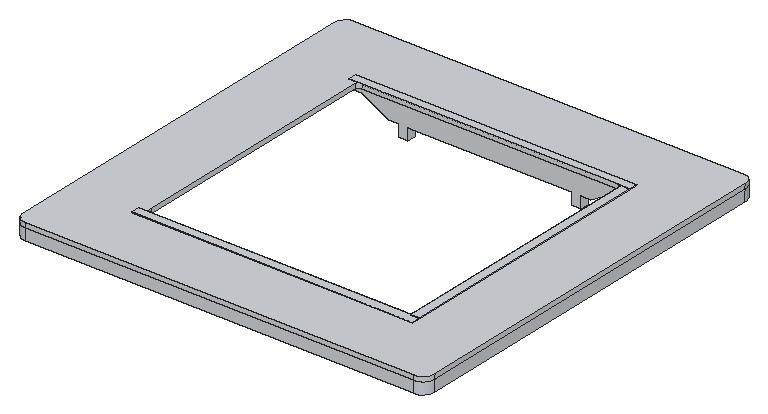
Revit family "Gira_0211225", category Electrical Fixtures, host Face, Revit 2017
Family settings
  Host = Face
  Maintain Annotation Orientation = No
  Round Connector Dimension = Use Diameter
  Part Type = Normal
  Cut with Voids When Loaded = No
  Shared = No
  Room Calculation Point = No
Parameters (values of type "Abdeckrahmen 1f flach Gira E2 Reinweiß m")
  Werkstoffgüte = "Thermoplast"
  Werkstoff = "Kunststoff"
  URL = "http://katalog.gira.de/de_DE/datenblatt.html?artikelnr=0211225"
  Transparent = "No"
  Textfeld/Beschriftungsfläche = "No"
  Schutzart (IP) = "IP20"
  Region = "DE"
  RAL-Nummer (ähnlich) = "9010 "
  Oberfläche = "sonstige"
  Name = "Abdeckrahmen 1f flach Gira E2 Reinweiß m"
  Montagerichtung = "horizontal und vertikal"
  Mit Montagerahmen = "No"
  Mit Klappdeckel = "No"
  Manufacturer URL = "https://www.gira.de/"
  Keynote = "E2flach_Rahmen_1fach.stp"
  HeinzeBIM = "https://bimportal.heinze.de/bim/abdeckrahmen-1f-flach-gira-e2-reinweiss-m/66b5f05603b1e8dc426973abbfc46eaa132ad3a6"
  Halogenfrei = "Yes"
  HAN = "0211225"
  Geeignet für Unterputz-Installation = "Yes"
  Geeignet für Unterflurkanaldose = "No"
  Geeignet für Geräteeinbaukanal = "No"
  Geeignet für Einbauinstallation = "No"
  GTIN = "4010337021360"
  Farbe = "weiß"
  Default Elevation = 1219.2 mm
  Data sheet (1) = "https://katalog.gira.de/de_DE/download.html?artikelnr=0211225"
  Category = "Abdeckrahmen"
  Befestigungsart = "Klemmbefestigung"
  Available = "Yes"
  Ausführung der Oberfläche = "matt"
  Anzahl der Einheiten vertikal = "1 "
  Anzahl der Einheiten horizontal = "1 "
  Anzahl der Einheiten = "1 "
Reference planes
  plane 1 "Center (Front/Back)": y = 0
  plane 2: z = 0
  plane 3 "Center (Left/Right)": x = 0
Forms (mm)
  Extrusion 1, solid, detail levels fine
    sketch origin (0, 0, 0) x (1, 0, 0) y (0, 1, 0)
      loop
        arc (-41.4, 43.9) -> (-43.168, 43.168) -> (-43.9, 41.4) r 2.5
        line (-43.9, 41.4) -> (-43.9, -41.4)
        arc (-43.9, -41.4) -> (-43.168, -43.168) -> (-41.4, -43.9) r 2.5
        line (-41.4, -43.9) -> (41.4, -43.9)
        arc (41.4, -43.9) -> (43.168, -43.168) -> (43.9, -41.4) r 2.5
        line (43.9, -41.4) -> (43.9, 41.4)
        arc (43.9, 41.4) -> (43.168, 43.168) -> (41.4, 43.9) r 2.5
        line (41.4, 43.9) -> (-41.4, 43.9)
      loop
        spline (-28.144, -27.245) -> (-28.136, -27.363) -> (-28.113, -27.478) -> (-28.075, -27.589) -> (-28.023, -27.695) -> (-27.958, -27.792) -> (-27.881, -27.881) -> (-27.792, -27.958) -> (-27.695, -28.023) -> (-27.589, -28.075) -> (-27.478, -28.113) -> (-27.363, -28.136) -> (-27.245, -28.144)
        line (-27.245, -28.144) -> (27.245, -28.144)
        spline (27.245, -28.144) -> (27.363, -28.136) -> (27.478, -28.113) -> (27.589, -28.075) -> (27.695, -28.023) -> (27.792, -27.958) -> (27.881, -27.881) -> (27.958, -27.792) -> (28.023, -27.695) -> (28.075, -27.589) -> (28.113, -27.478) -> (28.136, -27.363) -> (28.144, -27.245)
        line (28.144, -27.245) -> (28.144, 27.245)
        spline (28.144, 27.245) -> (28.136, 27.363) -> (28.113, 27.478) -> (28.075, 27.589) -> (28.023, 27.695) -> (27.958, 27.792) -> (27.881, 27.881) -> (27.792, 27.958) -> (27.695, 28.023) -> (27.589, 28.075) -> (27.478, 28.113) -> (27.363, 28.136) -> (27.245, 28.144)
        line (27.245, 28.144) -> (-27.245, 28.144)
        spline (-27.245, 28.144) -> (-27.363, 28.136) -> (-27.478, 28.113) -> (-27.589, 28.075) -> (-27.695, 28.023) -> (-27.792, 27.958) -> (-27.881, 27.881) -> (-27.958, 27.792) -> (-28.023, 27.695) -> (-28.075, 27.589) -> (-28.113, 27.478) -> (-28.136, 27.363) -> (-28.144, 27.245)
        line (-28.144, 27.245) -> (-28.144, -27.245)
    from 2.5 to 3.4
  Extrusion 2, solid, detail levels fine
    sketch origin (0, 0, 0) x (1, 0, 0) y (0, 1, 0)
      loop
        arc (-41.4, 43.9) -> (-43.168, 43.168) -> (-43.9, 41.4) r 2.5
        line (-43.9, 41.4) -> (-43.9, -41.4)
        arc (-43.9, -41.4) -> (-43.168, -43.168) -> (-41.4, -43.9) r 2.5
        line (-41.4, -43.9) -> (41.4, -43.9)
        arc (41.4, -43.9) -> (43.168, -43.168) -> (43.9, -41.4) r 2.5
        line (43.9, -41.4) -> (43.9, 41.4)
        arc (43.9, 41.4) -> (43.168, 43.168) -> (41.4, 43.9) r 2.5
        line (41.4, 43.9) -> (-41.4, 43.9)
      loop
        arc (-41.4, 43.4) -> (-42.814, 42.814) -> (-43.4, 41.4) r 2
        line (-43.4, 41.4) -> (-43.4, -41.4)
        arc (-43.4, -41.4) -> (-42.814, -42.814) -> (-41.4, -43.4) r 2
        line (-41.4, -43.4) -> (41.4, -43.4)
        arc (41.4, -43.4) -> (42.814, -42.814) -> (43.4, -41.4) r 2
        line (43.4, -41.4) -> (43.4, 41.4)
        arc (43.4, 41.4) -> (42.814, 42.814) -> (41.4, 43.4) r 2
        line (41.4, 43.4) -> (-41.4, 43.4)
    from 0 to 2.5
  Extrusion 3, solid, detail levels fine
    sketch origin (0, 0, 0) x (1, 0, 0) y (0, 0, 1)
      loop
        line (-17.5, -4.06) -> (-17.5, -1.56) -> (17.5, -1.56) -> (17.5, -4.06) -> (19.5, -4.06) -> (19.5, -1.56) -> (21.654, -1.56) -> (27.214, 1.65) -> (30, 1.65) -> (30, 3.4) -> (-30, 3.4) -> (-30, 1.65) -> (-27.214, 1.65) -> (-21.654, -1.56) -> (-19.5, -1.56) -> (-19.5, -4.06) -> (-17.5, -4.06)
    from 28.144 to 30
  Extrusion 4, solid, detail levels fine
    sketch origin (0, 0, 0) x (0, -1, 0) y (0, 0, -1)
      loop
        line (-17.5, 4.06) -> (-19.5, 4.06) -> (-19.5, 1.56) -> (-21.654, 1.56) -> (-27.214, -1.65) -> (-28.144, -1.65) -> (-28.144, -3.4) -> (28.144, -3.4) -> (28.144, -1.65) -> (27.214, -1.65) -> (21.654, 1.56) -> (19.5, 1.56) -> (19.5, 4.06) -> (17.5, 4.06) -> (17.5, 1.56) -> (-17.5, 1.56) -> (-17.5, 4.06)
    from 28.144 to 30
  Extrusion 5, solid, detail levels medium
    sketch origin (0, 0, 0) x (0, -1, 0) y (0, 0, 1)
      loop
        line (-17.5, -4.06) -> (-17.5, -1.56) -> (17.5, -1.56) -> (17.5, -4.06) -> (19.5, -4.06) -> (19.5, -1.56) -> (28.144, -1.56) -> (28.144, 3.4) -> (-28.144, 3.4) -> (-28.144, -1.56) -> (-19.5, -1.56) -> (-19.5, -4.06) -> (-17.5, -4.06)
    from 28.144 to 30
  Extrusion 6, solid, detail levels fine
    sketch origin (0, 0, 0) x (1, 0, 0) y (0, 0, -1)
      loop
        line (-17.5, 4.06) -> (-19.5, 4.06) -> (-19.5, 1.56) -> (-21.654, 1.56) -> (-27.214, -1.65) -> (-30, -1.65) -> (-30, -3.4) -> (30, -3.4) -> (30, -1.65) -> (27.214, -1.65) -> (21.654, 1.56) -> (19.5, 1.56) -> (19.5, 4.06) -> (17.5, 4.06) -> (17.5, 1.56) -> (-17.5, 1.56) -> (-17.5, 4.06)
    from 28.144 to 30
  Extrusion 7, solid, detail levels coarse
    sketch origin (0, 0, 0) x (1, 0, 0) y (0, 1, 0)
      loop
        line (-43.9, 43.9) -> (-43.9, -43.9) -> (43.9, -43.9) -> (43.9, 43.9) -> (-43.9, 43.9)
    from -4.06 to 3.4
  Extrusion 8, solid, detail levels medium
    sketch origin (0, 0, 0) x (1, 0, 0) y (0, 1, 0)
      loop
        line (-43.9, 43.9) -> (-43.9, -43.9) -> (43.9, -43.9) -> (43.9, 43.9) -> (-43.9, 43.9)
    from 0 to 3.4
  Extrusion 9, solid, detail levels medium
    sketch origin (0, 0, 0) x (1, 0, 0) y (0, 0, 1)
      loop
        line (-17.5, -4.06) -> (-17.5, -1.56) -> (17.5, -1.56) -> (17.5, -4.06) -> (19.5, -4.06) -> (19.5, -1.56) -> (30, -1.56) -> (30, 3.4) -> (-30, 3.4) -> (-30, -1.56) -> (-19.5, -1.56) -> (-19.5, -4.06) -> (-17.5, -4.06)
    from 28.144 to 30
  Extrusion 10, solid, detail levels medium
    sketch origin (0, 0, 0) x (1, 0, 0) y (0, 0, -1)
      loop
        line (-17.5, 4.06) -> (-19.5, 4.06) -> (-19.5, 1.56) -> (-30, 1.56) -> (-30, -3.4) -> (30, -3.4) -> (30, 1.56) -> (19.5, 1.56) -> (19.5, 4.06) -> (17.5, 4.06) -> (17.5, 1.56) -> (-17.5, 1.56) -> (-17.5, 4.06)
    from 28.144 to 30
  Extrusion 11, solid, detail levels medium
    sketch origin (0, 0, 0) x (0, -1, 0) y (0, 0, -1)
      loop
        line (-17.5, 4.06) -> (-19.5, 4.06) -> (-19.5, 1.56) -> (-28.144, 1.56) -> (-28.144, -3.4) -> (28.144, -3.4) -> (28.144, 1.56) -> (19.5, 1.56) -> (19.5, 4.06) -> (17.5, 4.06) -> (17.5, 1.56) -> (-17.5, 1.56) -> (-17.5, 4.06)
    from 28.144 to 30
Dimensions and locks
  aligned and locked: plane 2 to host face
  aligned and locked: level to host face
